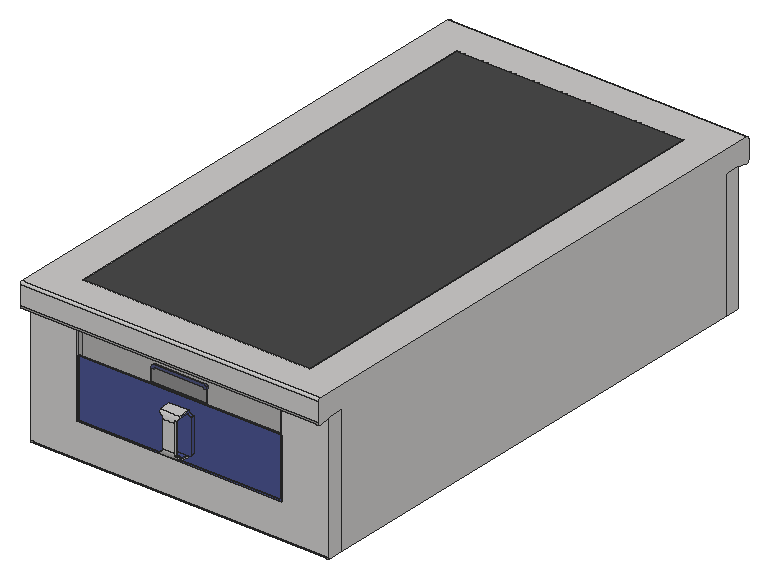
Revit family "QF_ELECTROLUXPROFESSIONAL_589027_MCIBACEOAO", category Specialty Equipment, Revit 2018
Family settings
  Round Connector Dimension = Use Diameter
  Part Type = Normal
  Work Plane-Based = No
  Always vertical = Yes
  Cut with Voids When Loaded = No
  Shared = No
  Room Calculation Point = No
Parameters
  Weight in Pounds = 55.1
  Watts = 10000 VA  # 10000 W
  Volts = 400 V  # constant formula
  URL Cutsheet = ""
  Type Mark [instance] = ""
  Status [instance] = ""
  Specification by User [instance] = ""
  Specification by Manufacturer = ""
  Serial Number = ""
  Seismic Rating = ""
  SMACNA No = ""
  Revision Code [instance] = ""
  Phase = 3  # constant formula
  Omniclass Number and Title = ""
  Number of Poles [instance] = 1
  NAFEM Spec ID Number = ""
  Model = "589027"
  Min Ckt Ampacity = 0 A
  Max Overcurrent Protection = 0 A
  Masterspec = ""
  Manufacturer = "ELECTROLUX"
  Item Number [instance] = ""
  Installed By [instance] = ""
  Identify Quantity as Lot [instance] = yes
  HP = "13.4 HP"
  Furnished By [instance] = ""
  Foodservice Equipment Identifier [instance] = yes
  FL Amps [instance] = if(Phase = 3, Watts / (Volts * 1.73), Watts / Volts)  # 14.4509 A
  Electrical Remarks = "400 V/3N ph/50/60 Hz"  # constant formula
  Electric Connection Type [instance] = ""
  Elec Conn RI Height [instance] = 0 mm
  Elec Conn Connection Height [instance] = 0 mm
  Direct Waste Size = 0"
  Description = "INDUCTION TOP,2 ZONES,2SIDE,500X900X250H"
  Cycle [instance] = if([60 Hertz Option], 60 Hz, 50 Hz)  # 60 Hz
  Conn Plug = ""
  Conn Conduit = yes
  CSI MasterFormat = ""
  CSI Master Format = ""
  Apparent Power [instance] = if(Phase = 3, Volts * FL Amps * 1.73, Volts * FL Amps)  # 10000 VA
  60 Hertz Option [instance] = not([50 Hertz Option])  # yes
  500 Pass Though Panel = yes
  50 Hertz Option [instance] = no
Reference planes
  plane 1 "BACK": y = 0
  plane 2: z = 0
  plane 3 "LEFT": x = 0
  plane 4 "RIGHT": x = 500
  plane 5 "FRONT": y = -900
  plane 6 "TOP": z = 250
  plane 7: x = 250
  plane 8: y = -450
Forms (mm)
  Extrusion 1, solid, material "QF_Finishes_Stainless Steel"
    sketch origin (0, -487.128, 0) x (0, 1, 0) y (0, 0, 1)
      loop
        line (483.128, 250) -> (-408.872, 250)
        arc (-408.872, 250) -> (-411.7, 248.828) -> (-412.872, 246) r 4
        line (-412.872, 246) -> (-412.872, 214)
        arc (-412.872, 214) -> (-411.443, 210.936) -> (-408.177, 210.061) r 4
        line (-408.177, 210.061) -> (-391.509, 213) -> (-366.872, 213) -> (-366.872, 0) -> (441.128, 0) -> (441.128, 213) -> (465.765, 213) -> (482.433, 210.061)
        arc (482.433, 210.061) -> (485.699, 210.936) -> (487.128, 214) r 4
        line (487.128, 214) -> (487.128, 246)
        arc (487.128, 246) -> (485.956, 248.828) -> (483.128, 250) r 4
    from 0 to 500
  Extrusion 2, void
    sketch origin (653.786, 44.048, 250) x (1, 0, 0) y (0, -1, 0)
      loop
        line (-593.786, 104.048) -> (-213.786, 104.048) -> (-213.786, 887.779) -> (-593.786, 887.779) -> (-593.786, 104.048)
    from 0 to 37
  Extrusion 3, solid, material "QF_Finishes_Stainless Steel"
    sketch origin (0, -854, 0) x (1, 0, 0) y (0, -1, 0)
      loop
        circle (455, -169) r 6.35
    from 0 to 3.2
  Extrusion 4, solid, material "QF_Finishes_Black"
    sketch origin (653.786, 44.048, 213) x (1, 0, 0) y (0, 1, 0)
      loop
        line (-593.786, -887.779) -> (-213.786, -887.779) -> (-213.786, -104.048) -> (-593.786, -104.048) -> (-593.786, -887.779)
    from 0 to 37
Cuts and joins
  Extrusion 2 cuts Extrusion 1
Lines and regions (mm)
  symbolic lines
    curve 1: line (0, 0, 0) -> (500, 0, 0)
    curve 2: line (0, -900, 0) -> (0, 0, 0)
    curve 3: line (500, -900, 0) -> (0, -900, 0)
    curve 4: line (500, 0, 0) -> (500, -900, 0)
    curve 5: line (440, -843.73, 0) -> (440, -60, 0)
    curve 6: line (440, -60, 0) -> (60, -60, 0)
    curve 7: line (60, -60, 0) -> (60, -843.73, 0)
    curve 8: line (60, -843.73, 0) -> (440, -843.73, 0)
    curve 9: line (233.892, -902.326, 0) -> (233.892, -900, 0)
    curve 10: spline (239.561, -903.73, 0) -> (239.082, -903.657, 0) -> (238.604, -903.575, 0) -> (238.127, -903.486, 0) -> (237.651, -903.389, 0) -> (237.177, -903.283, 0) -> (236.703, -903.17, 0) -> (236.231, -903.049, 0) -> (235.76, -902.92, 0) -> (235.29, -902.783, 0) -> (234.823, -902.638, 0) -> (234.357, -902.486, 0) -> (233.892, -902.326, 0)
    curve 11: line (266.108, -902.326, 0) -> (266.108, -900, 0)
    curve 12: spline (266.108, -902.326, 0) -> (265.643, -902.486, 0) -> (265.177, -902.638, 0) -> (264.71, -902.783, 0) -> (264.24, -902.92, 0) -> (263.769, -903.049, 0) -> (263.297, -903.17, 0) -> (262.823, -903.283, 0) -> (262.349, -903.389, 0) -> (261.873, -903.486, 0) -> (261.396, -903.575, 0) -> (260.918, -903.657, 0) -> (260.439, -903.73, 0)
    curve 13: line (239.561, -903.73, 0) -> (260.439, -903.73, 0)
    curve 14: line (233.892, 2.326, 0) -> (233.892, 0, 0)
    curve 15: spline (239.561, 3.73, 0) -> (239.082, 3.657, 0) -> (238.604, 3.575, 0) -> (238.127, 3.486, 0) -> (237.651, 3.389, 0) -> (237.177, 3.283, 0) -> (236.703, 3.17, 0) -> (236.231, 3.049, 0) -> (235.76, 2.92, 0) -> (235.29, 2.783, 0) -> (234.823, 2.638, 0) -> (234.357, 2.486, 0) -> (233.892, 2.326, 0)
    curve 16: line (266.108, 2.326, 0) -> (266.108, 0, 0)
    curve 17: spline (266.108, 2.326, 0) -> (265.643, 2.486, 0) -> (265.177, 2.638, 0) -> (264.71, 2.783, 0) -> (264.24, 2.92, 0) -> (263.769, 3.049, 0) -> (263.297, 3.17, 0) -> (262.823, 3.283, 0) -> (262.349, 3.389, 0) -> (261.873, 3.486, 0) -> (261.396, 3.575, 0) -> (260.918, 3.657, 0) -> (260.439, 3.73, 0)
    curve 18: line (239.561, 3.73, 0) -> (260.439, 3.73, 0)
Dimensions and locks
  plane 3 "LEFT" to plane 4 "RIGHT" = 500 mm
  plane 5 "FRONT" to plane 1 "BACK" = 900 mm
  equal spacing: plane 3 "LEFT", plane 7, plane 4 "RIGHT"
  equal spacing: plane 5 "FRONT", plane 8, plane 1 "BACK"
  plane 6 "TOP" to level = 250 mm  (x2)
  plane 1 "BACK" to plane 5 "FRONT" = 900 mm
  Extrusion 3 sketch curve to plane 1 "BACK" = 685 mm
  Extrusion 3 sketch curve to plane 4 "RIGHT" = 45 mm
  aligned and locked: level to plane 2
  aligned and locked: cut or joined group of Extrusion 1, Extrusion 2 to plane 4 "RIGHT"
  aligned and locked: plane 7 to nested 1
Automatic sketch dimensions
  Extrusion 1 sketch curve to plane 5 "FRONT" = 0 mm
  Extrusion 1 sketch curve to plane 6 "TOP" = 0 mm
  Extrusion 1 sketch curve to level = 0 mm
  Extrusion 1 sketch curve to plane 1 "BACK" = 0 mm
  Extrusion 1 sketch curve to plane 6 "TOP" = 37 mm  (x2)
  Extrusion 1 sketch curve to plane 5 "FRONT" = 4 mm
  Extrusion 1 sketch curve to plane 5 "FRONT" = 21.363 mm
  Extrusion 1 sketch curve to plane 5 "FRONT" = 46 mm
  plane 1 "BACK" to Extrusion 1 sketch curve = 21.363 mm
  plane 1 "BACK" to Extrusion 1 sketch curve = 4 mm  (x2)
  Extrusion 1 sketch curve to Extrusion 1 sketch curve = 4 mm
  Extrusion 1 sketch curve to Extrusion 1 sketch curve = 0.695 mm
  Extrusion 1 sketch curve to Extrusion 1 sketch curve = 0 mm  (x4)
  plane 1 "BACK" to Extrusion 1 sketch curve = 4.695 mm
  Extrusion 1 sketch curve to Extrusion 1 sketch curve = 1 mm  (x2)
  plane 1 "BACK" to Extrusion 1 sketch curve = 46 mm
  plane 1 "BACK" to curve 1 = 0 mm
  curve 1 to plane 4 "RIGHT" = 0 mm
  curve 1 to plane 3 "LEFT" = 0 mm
  plane 5 "FRONT" to curve 2 = 0 mm
  plane 4 "RIGHT" to curve 5 = 60 mm
  curve 16 to plane 1 "BACK" = 2.326 mm
  plane 7 to curve 16 = 16.108 mm
  plane 5 "FRONT" to curve 11 = 2.326 mm
  plane 7 to curve 11 = 16.108 mm
  plane 5 "FRONT" to curve 13 = 3.73 mm
  curve 11 to curve 13 = 5.669 mm
  curve 18 to plane 1 "BACK" = 3.73 mm
  curve 16 to curve 18 = 5.669 mm
  curve 18 to plane 7 = 10.439 mm
  curve 13 to plane 7 = 10.439 mm
  plane 5 "FRONT" to curve 9 = 2.326 mm
  curve 10 to curve 9 = 5.669 mm
  curve 14 to plane 1 "BACK" = 2.326 mm
  curve 18 to curve 14 = 5.669 mm
  plane 3 "LEFT" to curve 6 = 60 mm
  plane 7 to curve 17 = 6.269 mm
  plane 5 "FRONT" to curve 12 = 4.032 mm
  curve 12 to curve 12 = 4.17 mm
  curve 10 to plane 7 = 6.269 mm
  curve 15 to plane 7 = 6.269 mm
  plane 1 "BACK" to curve 5 = 60 mm
  curve 5 to plane 5 "FRONT" = 56.27 mm
  curve 17 to plane 1 "BACK" = 4.032 mm
  curve 15 to plane 1 "BACK" = 4.032 mm
  curve 10 to curve 12 = 0 mm
  Extrusion 1 to Extrusion 2 sketch curve = 60 mm  (x2)
  Extrusion 1 to Extrusion 2 sketch curve = 52.27 mm
  Extrusion 1 to Extrusion 2 sketch curve = 56 mm
  Extrusion 4 sketch curve to Extrusion 2 = 0 mm  (x3)
  Extrusion 2 to Extrusion 4 sketch curve = 0 mm
  radius of Extrusion 3 sketch curve = 6.35 mm
Nested families
  nested 1: "IDT_900_500 Panel Single Centered" at (250, -854, -651.71), visible <- "500 Pass Though Panel", type "IDT_900_500 Panel Single Centered"
  nested 2: "IDT_900_500 Panel Single Centered" at (250, -46, -651.71), visible <- "500 Pass Though Panel", type "IDT_900_500 Panel Single Centered"
Connectors
  electrical at (455, -685, -3.2), driven by "Volts", driven by "Watts"
    settings: on Extrusion 3, index 1, voltage 400 V, apparent load 10000 VA, apparent load phase1 0 VA, apparent load phase2 0 VA, apparent load phase3 0 VA, power factor 1, load classification "Other", number of poles 1, system type 30, power factor state 1, is connector primary yes, connector utility no, sub classification motor no, connector description "ELECTRICAL CONNECTION"
Definition of nested family "IDT_900_500 Panel Single Centered"
  Reference planes
    plane 1 "Center (Front/Back)": y = 0
    plane 2: z = 0
    plane 3 "Center (Left/Right)": x = 0
  Forms (mm)
    Extrusion 1, solid
      sketch origin (833.217, 829.203, -1.25) x (0, 1, 0) y (0, 0, 1)
        loop
          arc (-854.203, 655.96) -> (-853.324, 653.839) -> (-851.203, 652.96) r 3
          line (-851.203, 652.96) -> (-829.203, 652.96) -> (-829.203, 865.96) -> (-854.203, 865.96) -> (-854.203, 655.96)
      from -1083.217 to -583.217
    Extrusion 2, void
      sketch origin (33.217, 829.203, 0.636) x (1, 0, 0) y (0, 0, 1)
        loop
          line (-205.217, 852.364) -> (-205.217, 710.364) -> (138.783, 710.364) -> (138.783, 852.364) -> (-205.217, 852.364)
      from 843.409 to 854.203
  Cuts and joins
    Extrusion 2 cuts Extrusion 1
  Dimensions and locks
    cut or joined group of Extrusion 1, Extrusion 2 to cut or joined group of Extrusion 1, Extrusion 2 = 500 mm  (x2)
    equal spacing: cut or joined group of Extrusion 1, Extrusion 2, nested 1, cut or joined group of Extrusion 1, Extrusion 2
    cut or joined group of Extrusion 1, Extrusion 2 to cut or joined group of Extrusion 1, Extrusion 2 = 213 mm
    aligned and locked: nested 1 to cut or joined group of Extrusion 1, Extrusion 2
  Automatic sketch dimensions
    Extrusion 1 sketch curve to plane 1 "Center (Front/Back)" = 0 mm
    plane 1 "Center (Front/Back)" to Extrusion 1 sketch curve = 22 mm
    Extrusion 1 sketch curve to Extrusion 1 sketch curve = 3 mm
    level to Extrusion 1 sketch curve = 651.71 mm
    Extrusion 1 sketch curve to Extrusion 1 sketch curve = 210 mm
    Extrusion 2 sketch curve to plane 3 "Center (Left/Right)" = 172 mm
    plane 3 "Center (Left/Right)" to Extrusion 2 sketch curve = 172 mm
    level to Extrusion 2 sketch curve = 711 mm
    Extrusion 2 sketch curve to Extrusion 2 sketch curve = 142 mm
  Nested families
    nested 1: "glass conrol panel One Right Side" at (0, 279.791, 1.886), type "glass conrol panel One Right Side"
    nested 2: "Range Control Handle" at (0, -27.043, -209.113), type "Range Control Handle"
  Definition of nested family "glass conrol panel One Right Side"
    Reference planes
      plane 1 "Center (Front/Back)": y = 0
      plane 2: z = 0
      plane 3 "Center (Left/Right)": x = 0
    Forms (mm)
      Extrusion 1, solid
        sketch origin (378.286, 0, 0.617) x (1, 0, 0) y (0, 0, 1)
          loop
            line (-550.286, 806.791) -> (-550.286, 708.497) -> (-206.286, 708.497) -> (-206.286, 806.791) -> (-550.286, 806.791)
        from 300.031 to 304.8
      Extrusion 2, solid
        sketch origin (378.286, 0, 0.617) x (1, 0, 0) y (0, 0, 1)
          loop
            line (-550.286, 850.497) -> (-550.286, 806.791) -> (-206.286, 806.791) -> (-206.286, 850.497) -> (-550.286, 850.497)
        from 300.031 to 304.8
      Extrusion 3, solid
        sketch origin (308.333, 1.101, -0.633) x (1, 0, 0) y (0, 0, 1)
          loop
            line (-261.431, 812.62) -> (-261.431, 834.177) -> (-266.24, 834.177) -> (-268.039, 835.977) -> (-348.469, 835.977) -> (-350.269, 834.177) -> (-355.186, 834.177) -> (-355.186, 812.62) -> (-261.431, 812.62)
        from 304.798 to 306.745
      Extrusion 4, solid
        sketch origin (308.333, 1.101, -0.633) x (1, 0, 0) y (0, 0, 1)
          loop
            line (-350.269, 834.177) -> (-348.469, 835.977) -> (-268.039, 835.977) -> (-266.24, 834.177) -> (-261.529, 834.177)
            arc (-261.529, 834.177) -> (-262.706, 838.752) -> (-266.98, 840.763) r 5.549
            line (-266.98, 840.763) -> (-349.686, 840.763)
            arc (-349.686, 840.763) -> (-353.942, 838.747) -> (-355.078, 834.177) r 5.5
            line (-355.078, 834.177) -> (-350.269, 834.177)
        from 304.798 to 306.745
      Extrusion 5, void
        sketch origin (378.286, 0, 0.617) x (1, 0, 0) y (0, 0, 1)
          loop
            line (-547.628, 847.565) -> (-547.628, 710.699) -> (-209.196, 710.699) -> (-209.196, 847.565) -> (-547.628, 847.565)
        from 303.697 to 304.8
    Cuts and joins
      Extrusion 5 cuts Extrusion 2
      Extrusion 5 cuts Extrusion 1
    Dimensions and locks
      aligned and locked: Extrusion 1 to Extrusion 2
      aligned and locked: Extrusion 4 sketch curve to Extrusion 3  (x4)
      aligned and locked: Extrusion 3 to Extrusion 4 sketch curve
      aligned and locked: Extrusion 4 to Extrusion 3
  Definition of nested family "Range Control Handle"
    Reference planes
      plane 1 "Center (Front/Back)": y = 0
      plane 2: z = 0
      plane 3 "Center (Left/Right)": x = 0
      plane 4: z = 971.092
    Forms (mm)
      Extrusion 1, solid
        sketch origin (-746.28, 380.497, 208.931) x (-1, 0, 0) y (0, 0, 1)
          loop
            line (-770.101, 786.798) -> (-770.101, 731.649)
            arc (-770.101, 731.649) -> (-769.759, 730.563) -> (-768.855, 729.87) r 1.893
            line (-768.855, 729.87) -> (-763.474, 727.911) -> (-729.81, 727.911) -> (-724.428, 729.87)
            arc (-724.428, 729.87) -> (-723.525, 730.563) -> (-723.183, 731.649) r 1.893
            line (-723.183, 731.649) -> (-723.183, 786.798)
            arc (-723.183, 786.798) -> (-723.529, 787.894) -> (-724.44, 788.593) r 1.91
            line (-724.44, 788.593) -> (-729.683, 790.819) -> (-763.601, 790.819) -> (-768.844, 788.593)
            arc (-768.844, 788.593) -> (-769.755, 787.894) -> (-770.101, 786.798) r 1.91
        from -382.35 to -378.852
      Sweep 2, solid
        path origin (-746.788, 380.496, 208.091) x (0, -1, 0) y (0, 0, 1)
          loop
            line (379.775, 793.281) -> (395.661, 791.048)
            arc (395.661, 791.048) -> (397.781, 787.377) -> (398.517, 783.202) r 12.207
            line (398.517, 783.202) -> (398.517, 737.368)
            arc (398.517, 737.368) -> (397.781, 733.193) -> (395.661, 729.522) r 12.207
            line (395.661, 729.522) -> (379.775, 727.289)
        profile origin (-746.788, -7.222, 1000.256) x (0, -0.139173, 0.990268) y (-1, 0, 0)
          loop
            line (0.782, -763.123) -> (0.782, -730.907) -> (-1.322, -730.907) -> (-1.322, -763.123) -> (0.782, -763.123)
      Sweep 3, solid
        path origin (-746.788, 380.715, 207.832) x (0, -1, 0) y (0, 0, 1)
          loop
            line (380.478, 795.442) -> (397.218, 793.09)
            arc (397.218, 793.09) -> (399.929, 788.473) -> (400.871, 783.202) r 15.207
            line (400.871, 783.202) -> (400.871, 737.584)
            arc (400.871, 737.584) -> (399.914, 732.274) -> (397.164, 727.633) r 15.207
            line (397.164, 727.633) -> (380.601, 725.305)
        profile origin (-746.788, -8.132, 1002.099) x (0, -0.139173, 0.990268) y (-1, 0, 0)
          loop
            line (0.782, -763.123) -> (0.782, -730.907) -> (-1.322, -730.907) -> (-1.322, -763.123) -> (0.782, -763.123)
      Extrusion 4, void
        sketch origin (889.253, 220.666, 207.993) x (1, 0, 0) y (0, 0, 1)
          loop
            line (-943.038, 816.854) -> (-943.038, 703.686) -> (-899.466, 734.196) -> (-899.466, 786.344) -> (-943.038, 816.854)
        from 230.636 to 242.25
      Extrusion 5, void
        sketch origin (-888.8, 220.666, 207.993) x (-1, 0, 0) y (0, 0, -1)
          loop
            line (-943.038, -816.854) -> (-899.466, -786.344) -> (-899.466, -734.196) -> (-943.038, -703.686) -> (-943.038, -816.854)
        from 230.636 to 242.25
      Extrusion 6, solid
        sketch origin (0, 0, 0) x (1, 0, 0) y (0, 0, 1)
          loop
            circle (0, 971.092) r 7.736
        from -3.137 to -1.645
    Cuts and joins
      Extrusion 4, Extrusion 5 cuts Sweep 3
      Extrusion 4, Extrusion 5 cuts Sweep 2
      joined: Extrusion 1, Extrusion 6
    Lines and regions (mm)
      symbolic lines
        curve 1: line (23.821, 1.645, 0) -> (-23.097, 1.645, 0)
        curve 2: line (16.334, -1.853, 0) -> (23.821, -1.853, 0)
        curve 3: line (-15.881, -19.189, 0) -> (-15.881, -1.853, 0)
        curve 4: line (-23.097, -1.853, 0) -> (-15.881, -1.853, 0)
        curve 5: line (16.334, -19.189, 0) -> (16.334, -1.853, 0)
        curve 6: spline (-15.881, -19.189, 0) -> (-15.417, -19.349, 0) -> (-14.951, -19.501, 0) -> (-14.483, -19.646, 0) -> (-14.014, -19.783, 0) -> (-13.543, -19.912, 0) -> (-13.071, -20.033, 0) -> (-12.597, -20.146, 0) -> (-12.122, -20.251, 0) -> (-11.646, -20.349, 0) -> (-11.169, -20.438, 0) -> (-10.691, -20.52, 0) -> (-10.213, -20.593, 0)
        curve 7: spline (10.666, -20.593, 0) -> (11.144, -20.52, 0) -> (11.622, -20.438, 0) -> (12.099, -20.349, 0) -> (12.575, -20.251, 0) -> (13.05, -20.146, 0) -> (13.524, -20.033, 0) -> (13.996, -19.912, 0) -> (14.467, -19.783, 0) -> (14.936, -19.646, 0) -> (15.404, -19.501, 0) -> (15.87, -19.349, 0) -> (16.334, -19.189, 0)
        curve 8: line (-10.213, -20.938, 0) -> (10.716, -20.938, 0)
        curve 9: line (-23.097, 1.645, 0) -> (-23.097, -1.853, 0)
        curve 10: line (23.821, 1.645, 0) -> (23.821, -1.853, 0)
